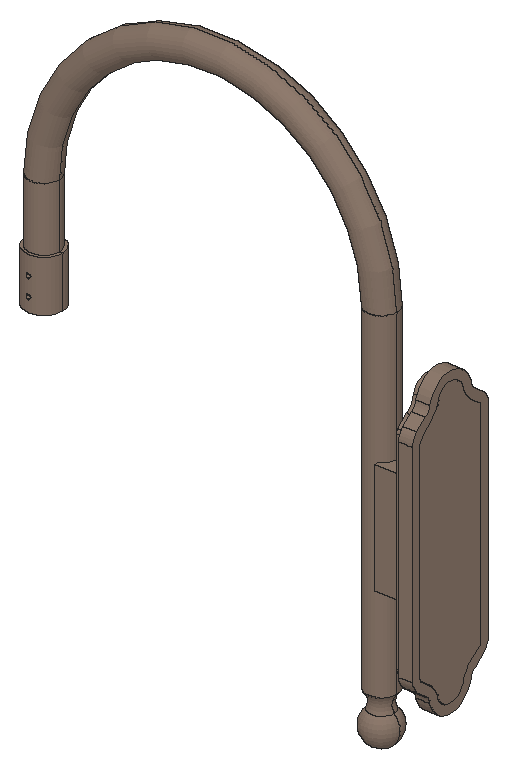
Revit family "WM177", category Generic Models, Revit 2014
Parameters
  WALL MOUNT = Bronze, Architectural
  COUPLING = Bronze, Architectural
  ARM = Bronze, Architectural
Reference planes (in)
  plane 1 "Center (Front/Back)": y = 0
  plane 2: z = 0
  plane 3 "Center (Left/Right)": x = 0
  plane 4: y = 1
  plane 5: y = -1
Forms (in)
  Extrusion 1, solid, material "Bronze, Architectural" <- "WALL MOUNT"
    sketch origin (7.53167, -13.95422, 0) x (0, 1, 0) y (0, 0, 1)
      loop
        arc (15.29527, 21.28229) -> (13.95421, 22.35366) -> (12.61316, 21.28229) r 1.375
        arc (12.61316, 21.28229) -> (12.51451, 21.04538) -> (12.34176, 20.85561) r 0.75
        line (12.34176, 20.85561) -> (11.74413, 20.39136)
        arc (11.74413, 20.39136) -> (11.53012, 20.12784) -> (11.45421, 19.79696) r 0.75002
        line (11.45421, 19.79696) -> (11.45421, 8.53326)
        arc (11.45421, 8.53326) -> (11.53058, 8.20354) -> (11.74412, 7.94096) r 0.75
        line (11.74412, 7.94096) -> (12.34176, 7.47672)
        arc (12.34176, 7.47672) -> (12.51451, 7.28694) -> (12.61316, 7.05004) r 0.75
        arc (12.61316, 7.05004) -> (13.95421, 5.97866) -> (15.29527, 7.05004) r 1.375
        arc (15.29527, 7.05004) -> (15.39392, 7.28694) -> (15.56667, 7.47672) r 0.75
        line (15.56667, 7.47672) -> (16.16431, 7.94096)
        arc (16.16431, 7.94096) -> (16.37785, 8.20354) -> (16.45421, 8.53326) r 0.75
        line (16.45421, 8.53326) -> (16.45421, 19.81089)
        arc (16.45421, 19.81089) -> (16.37522, 20.13411) -> (16.16424, 20.39141) r 0.75042
        line (16.16424, 20.39141) -> (15.56667, 20.85561)
        arc (15.56667, 20.85561) -> (15.39392, 21.04538) -> (15.29527, 21.28229) r 0.75
    from -4.61249 to -3.86249
  Extrusion 2, solid, material "Bronze, Architectural" <- "WALL MOUNT"
    sketch origin (7.53167, -13.95422, 0) x (0, 1, 0) y (0, 0, 1)
      loop
        arc (14.8156, 7.19359) -> (14.95874, 7.55336) -> (15.21816, 7.84079) r 1.09476
        line (15.21816, 7.84079) -> (15.85758, 8.33583)
        arc (15.85758, 8.33583) -> (15.92702, 8.41989) -> (15.95421, 8.52548) r 0.25073
        line (15.95421, 8.52548) -> (15.95421, 19.78926)
        arc (15.95421, 19.78926) -> (15.93088, 19.90453) -> (15.85758, 19.9965) r 0.25084
        line (15.85758, 19.9965) -> (15.25994, 20.46074)
        arc (15.25994, 20.46074) -> (14.97203, 20.77704) -> (14.80762, 21.17188) r 1.25
        arc (14.80762, 21.17188) -> (13.95421, 21.85366) -> (13.10081, 21.17188) r 0.875
        arc (13.10081, 21.17188) -> (12.9364, 20.77704) -> (12.64849, 20.46074) r 1.25
        line (12.64849, 20.46074) -> (12.05111, 19.9967)
        arc (12.05111, 19.9967) -> (11.97764, 19.90466) -> (11.95421, 19.78926) r 0.2511
        line (11.95421, 19.78926) -> (11.95421, 8.53326)
        arc (11.95421, 8.53326) -> (11.97982, 8.42304) -> (12.05125, 8.33528) r 0.25091
        line (12.05125, 8.33528) -> (12.64849, 7.87158)
        arc (12.64849, 7.87158) -> (12.93573, 7.57523) -> (13.09283, 7.19359) r 1.09476
        arc (13.09283, 7.19359) -> (13.95421, 6.48994) -> (14.8156, 7.19359) r 0.87906
    from -5.11249 to -3.86249
  Extrusion 3, solid, material "Bronze, Architectural" <- "WALL MOUNT"
    sketch origin (4.58082, 0, 0) x (1, 0, 0) y (0, 0, 1)
      loop
        line (-4.16164, 11.16616) -> (-1.83082, 11.16616) -> (-1.83082, 17.16616) -> (-4.16164, 17.16616) -> (-4.16164, 11.16616)
    from -1 to 1
  Revolve 4, solid, material "Bronze, Architectural" <- "ARM"
    sketch origin (0, 0, 0) x (1, 0, 0) y (0, 0, 1)
      loop
        arc (-0.83082, 5.91616) -> (-0.58689, 5.45509) -> (-0.6474, 4.937) r 0.87844
        arc (-0.6474, 4.937) -> (-0.93952, 3.82942) -> (0, 3.17416) r 1
        line (0, 3.17416) -> (0, 24.16616) -> (-0.83082, 24.16616) -> (-0.83082, 5.91616)
      axis (0, 24.16616) -> (0, 3.17416)
    angle from 0 to 360
  Sweep 5, solid, material "Bronze, Architectural" <- "ARM"
    path origin (0, 0, 0) x (1, 0, 0) y (0, 0, 1)
      loop
        arc (0, 24.16616) -> (-9, 33.16616) -> (-18, 24.16616) r 9
    profile origin (-9, 0, 33.16616) x (0, 0, -1) y (0, -1, 0)
      loop
        circle (0, 0) r 0.82812
  Revolve 6, solid, material "Bronze, Architectural" <- "ARM"
    sketch origin (-1.65723, 0, 0) x (1, 0, 0) y (0, 0, 1)
      loop
        line (-17.17082, 20.73172) -> (-16.34072, 20.73172) -> (-16.34072, 24.16616) -> (-17.17082, 24.16616) -> (-17.17082, 20.73172)
      axis (-16.34072, 24.16616) -> (-16.34072, 20.73172)
    angle from 0 to 360
  Revolve 7, solid, material "Bronze, Architectural" <- "COUPLING"
    sketch origin (-1.65713, 0, 0) x (1, 0, 0) y (0, 0, 1)
      loop
        line (-17.35073, 17.98172) -> (-16.34082, 17.98172) -> (-16.34082, 20.73172) -> (-17.35073, 20.73172) -> (-17.35073, 17.98172)
      axis (-16.34082, 20.73172) -> (-16.34082, 17.98172)
    angle from 0 to 360
  Revolve 8, void
    sketch origin (0, 0, 0) x (1, 0, 0) y (0, 0, 1)
      loop
        line (-18.88286, 17.98172) -> (-17.99795, 17.98172) -> (-17.99795, 20.48172) -> (-18.88286, 20.48172) -> (-18.88286, 17.98172)
      axis (-17.99795, 17.98172) -> (-17.99795, 20.48172)
    angle from 0 to 360
  Extrusion 9, void
    sketch origin (0, 0, 0) x (1, 0, 0) y (0, 0, 1)
      loop
        circle (-17.99795, 19.73172) r 0.125
      loop
        circle (-17.99795, 18.73172) r 0.125
    from -1.15446 to 1.11041
Cuts and joins
  Revolve 8, Extrusion 9 cuts Revolve 7
Dimensions and locks (in)
  aligned and locked: plane 2 to level
